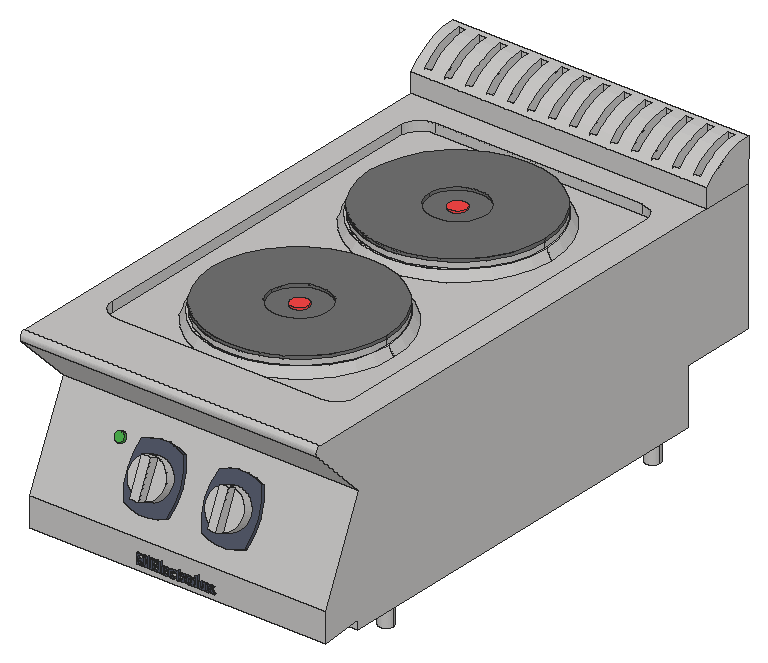
Revit family "QF_ELECTROLUXPROFESSIONAL_371126_E7ECED2R0N", category Specialty Equipment, Revit 2018
Family settings
  Round Connector Dimension = Use Diameter
  Part Type = Normal
  Work Plane-Based = No
  Always vertical = Yes
  Cut with Voids When Loaded = No
  Shared = No
  Room Calculation Point = No
Parameters
  Width = 400.05 mm  # constant formula
  Weight in Pounds = 44  # constant formula
  Watts = 5200 VA  # 5200 W
  Volts = 230 V  # constant formula
  URL Cutsheet = "www.electrolux.com/foodservice"
  URL = "www.electrolux.com/foodservice"
  Type Mark [instance] = ""
  Status [instance] = ""
  Specification by User [instance] = ""
  Specification by Manufacturer = ""
  Show Logo [instance] = yes
  Show Clearance [instance] = yes
  Serial Number = ""
  Seismic Rating = ""
  SMACNA No = ""
  Revision Code [instance] = ""
  Phase = 3  # constant formula
  Omniclass Number and Title = ""
  Number of Poles [instance] = 1
  NAFEM Spec ID Number = ""
  Model = "371126"
  Min Ckt Ampacity = 0 A
  Max Overcurrent Protection = 0 A
  Masterspec = ""
  Manufacturer = "ELECTROLUX"
  Item Number [instance] = ""
  Installed By [instance] = ""
  Identify Quantity as Lot [instance] = yes
  Height = 331.8 mm  # constant formula
  HP = "7 HP"
  Furnished By [instance] = ""
  Foodservice Equipment Identifier [instance] = yes
  FL Amps = if(Phase = 3, Watts / (Volts * 1.73), Watts / Volts)  # 13.0686 A
  Electrical Remarks [instance] = "230 V/3 ph/50/60 Hz"  # constant formula
  Electric Connection Type [instance] = ""
  Elec Conn RI Height [instance] = 0 mm
  Elec Conn Connection Height [instance] = 0 mm
  Direct Waste Size = 0"
  Description = "700XP 2 Hot Plate Electric Boiling Top 2.6 KW - 230V"
  Depth = 730.25 mm  # constant formula
  Cycle [instance] = if([60 Hertz Option], 60 Hz, 50 Hz)  # 60 Hz
  Conn Plug = ""
  Conn Conduit = yes
  CSI MasterFormat = ""
  CSI Master Format = ""
  Base Height [instance] = 23.813 mm  # constant formula
  Assembly Code = ""
  Apparent Power = if(Phase = 3, Volts * FL Amps * 1.73, Volts * FL Amps)  # 5200 VA
  60 Hertz Option [instance] = not([50 Hertz Option])  # yes
  50 Hertz Option [instance] = no
Reference planes
  plane 1 "BACK": y = 0
  plane 2: z = 0
  plane 3 "LEFT": x = 0
  plane 4 "RIGHT": x = 400.05
  plane 5 "FRONT": y = -730.25
  plane 6 "TOP": z = 288.925
  plane 7 "Center Y": x = 200.025
  plane 8 "Center X": y = -365.125
  plane 9 "BASE": z = 23.813
  plane 10 "TOP A": z = 274.638
  plane 11: y = -597.884
  plane 12: y = -147.637
  plane 13: z = 331.8
Forms (mm)
  Extrusion 1, solid, material "QF_Finishes_Stainless Steel"
    sketch origin (0, 0, 0) x (0, 1, 0) y (0, 0, 1)
      loop
        line (0, 274.638) -> (-722.762, 274.638)
        arc (-722.762, 274.638) -> (-729.591, 270.074) -> (-727.988, 262.019) r 7.392
        line (-727.988, 262.019) -> (-657.416, 191.447) -> (-713.772, 69.003) -> (-713.772, 30.903) -> (-660.4, 36.513) -> (-660.4, 23.812) -> (-101.6, 23.812) -> (-101.6, 98.425) -> (0, 98.425) -> (0, 274.638)
    from 0 to 400.05
  Extrusion 2, solid, material "QF_Finishes_Stainless Steel"
    sketch origin (0, 0, 0) x (1, 0, 0) y (0, 1, 0)
      loop
        circle (11.112, -147.638) r 9.525
      loop
        circle (11.112, -597.884) r 9.525
      loop
        circle (388.937, -147.638) r 9.525
      loop
        circle (388.937, -597.884) r 9.525
    from 0 to 23.813
  Extrusion 3, solid, material "QF_Finishes_Navy Blue", visible <- "Show Logo"
    sketch origin (-141.676, -713.772, 30.903) x (0, 0, 1) y (-1, 0, 0)
      loop
        line (20.674, -296.698) -> (8.307, -296.698)
        arc (8.307, -296.698) -> (14.491, -301.27) -> (20.674, -296.698) r 6.467
      loop
        arc (20.674, -296.069) -> (19.505, -290.926) -> (14.849, -288.448) r 6.338
        line (14.849, -288.448) -> (14.849, -290.494)
        arc (14.849, -290.494) -> (16.333, -294.149) -> (19.778, -296.069) r 5.941
        line (19.778, -296.069) -> (20.674, -296.069)
      loop
        arc (9.203, -296.069) -> (12.648, -294.149) -> (14.132, -290.494) r 5.941
        line (14.132, -290.494) -> (14.132, -288.448)
        arc (14.132, -288.448) -> (9.438, -290.922) -> (8.148, -296.069) r 6.504
        line (8.148, -296.069) -> (9.203, -296.069)
      loop
        line (21.349, -287.979) -> (7.604, -287.979) -> (7.604, -301.742) -> (21.349, -301.742) -> (21.349, -287.979)
      loop
        arc (21.432, -304.71) -> (21.085, -304.352) -> (20.718, -304.69) r 0.358
        arc (20.718, -304.69) -> (20.404, -305.44) -> (19.687, -305.825) r 1.216
        line (19.687, -305.825) -> (9.274, -305.825)
        arc (9.274, -305.825) -> (8.614, -305.548) -> (8.218, -304.951) r 1.238
        arc (8.218, -304.951) -> (7.823, -304.7) -> (7.518, -305.054) r 0.358
        line (7.518, -305.054) -> (7.518, -314.933) -> (10.269, -314.933) -> (10.269, -314.036)
        arc (10.269, -314.036) -> (9.36, -313.456) -> (8.904, -312.479) r 1.928
        line (8.904, -312.479) -> (8.904, -309.98)
        arc (8.904, -309.98) -> (9.18, -309.251) -> (9.868, -308.887) r 1.101
        line (9.868, -308.887) -> (13.955, -308.887) -> (13.955, -312.561)
        arc (13.955, -312.561) -> (13.602, -313.058) -> (13.037, -313.286) r 1.083
        arc (13.037, -313.286) -> (12.773, -313.591) -> (13.065, -313.869) r 0.292
        line (13.065, -313.869) -> (16.028, -313.869)
        arc (16.028, -313.869) -> (16.33, -313.596) -> (16.092, -313.266) r 0.305
        arc (16.092, -313.266) -> (15.601, -313.018) -> (15.296, -312.561) r 1.083
        line (15.296, -312.561) -> (15.296, -308.887) -> (19.973, -308.887) -> (19.973, -312.635)
        arc (19.973, -312.635) -> (19.759, -313.39) -> (19.153, -313.888) r 1.314
        arc (19.153, -313.888) -> (18.934, -314.292) -> (19.288, -314.585) r 0.361
        line (19.288, -314.585) -> (21.432, -314.585) -> (21.432, -304.71)
      loop
        arc (20.715, -315.365) -> (20.335, -316.284) -> (19.416, -316.664) r 1.299
        line (19.416, -316.664) -> (9.837, -316.664)
        arc (9.837, -316.664) -> (8.999, -316.286) -> (8.728, -315.408) r 1.118
        line (8.728, -315.408) -> (7.518, -315.408) -> (7.518, -320.758) -> (8.706, -320.758)
        arc (8.706, -320.758) -> (8.978, -319.841) -> (9.848, -319.445) r 1.153
        line (9.848, -319.445) -> (21.92, -319.445) -> (20.715, -315.365)
      loop
        line (12.483, -323.394) -> (12.483, -329.842) -> (13.282, -329.842)
        arc (13.282, -329.842) -> (15.862, -328.857) -> (17.131, -326.404) r 3.874
        line (17.131, -326.404) -> (17.131, -324.643)
        arc (17.131, -324.643) -> (15.944, -321.778) -> (13.08, -320.592) r 4.051
        line (13.08, -320.592) -> (11.072, -320.592)
        arc (11.072, -320.592) -> (8.253, -322.077) -> (7.202, -325.084) r 4.352
        arc (7.202, -325.084) -> (7.566, -327.547) -> (8.943, -329.621) r 5.713
        line (8.943, -329.621) -> (9.892, -329.621)
        arc (9.892, -329.621) -> (9.16, -328.052) -> (8.943, -326.334) r 5.579
        arc (8.943, -326.334) -> (9.737, -324.371) -> (11.616, -323.394) r 3.057
        line (11.616, -323.394) -> (12.483, -323.394)
      loop
        line (13.742, -323.394) -> (13.742, -326.977)
        arc (13.742, -326.977) -> (15.199, -327.024) -> (16.082, -325.864) r 1.59
        line (16.082, -325.864) -> (16.082, -325.034)
        arc (16.082, -325.034) -> (15.217, -323.779) -> (13.742, -323.394) r 2.184
      loop
        arc (16.533, -339.259) -> (17.022, -337.585) -> (17.179, -335.848) r 9.023
        line (17.179, -335.848) -> (17.179, -334.486)
        arc (17.179, -334.486) -> (16.02, -331.686) -> (13.22, -330.527) r 3.959
        line (13.22, -330.527) -> (10.62, -330.527)
        arc (10.62, -330.527) -> (8.338, -331.819) -> (7.221, -334.192) r 4.331
        line (7.221, -334.192) -> (7.221, -336.327)
        arc (7.221, -336.327) -> (7.729, -337.877) -> (8.651, -339.223) r 5.772
        arc (8.651, -339.223) -> (9.412, -339.274) -> (9.499, -338.515) r 0.553
        arc (9.499, -338.515) -> (9.111, -337.781) -> (8.977, -336.962) r 2.573
        line (8.977, -336.962) -> (8.977, -335.447)
        arc (8.977, -335.447) -> (9.983, -333.806) -> (11.798, -333.163) r 2.884
        line (11.798, -333.163) -> (13.077, -333.163)
        arc (13.077, -333.163) -> (14.898, -333.723) -> (15.824, -335.388) r 2.554
        line (15.824, -335.388) -> (15.824, -336.441)
        arc (15.824, -336.441) -> (15.493, -337.369) -> (14.836, -338.104) r 2.564
        arc (14.836, -338.104) -> (14.614, -338.821) -> (15.223, -339.259) r 0.643
        line (15.223, -339.259) -> (16.533, -339.259)
      loop
        line (15.515, -339.53) -> (15.515, -341.031) -> (9.467, -341.031)
        arc (9.467, -341.031) -> (7.879, -341.688) -> (7.221, -343.276) r 2.246
        line (7.221, -343.276) -> (7.221, -344.86)
        arc (7.221, -344.86) -> (7.535, -345.725) -> (8.035, -346.496) r 4.06
        arc (8.035, -346.496) -> (8.768, -346.629) -> (9.019, -345.928) r 0.576
        arc (9.019, -345.928) -> (8.913, -345.403) -> (8.977, -344.87) r 1.69
        arc (8.977, -344.87) -> (9.519, -344.082) -> (10.425, -343.779) r 1.506
        line (10.425, -343.779) -> (15.563, -343.779) -> (15.563, -346.176) -> (16.119, -346.733) -> (16.941, -346.733) -> (16.941, -343.873) -> (20.172, -343.873) -> (15.515, -339.53)
      loop
        line (7.438, -347.63) -> (7.438, -353.017) -> (8.548, -353.017)
        arc (8.548, -353.017) -> (8.942, -352.066) -> (9.893, -351.672) r 1.345
        line (9.893, -351.672) -> (13.509, -351.672)
        arc (13.509, -351.672) -> (14.274, -352.264) -> (14.564, -353.186) r 1.615
        line (14.564, -353.186) -> (14.564, -354.742) -> (17.119, -355.427) -> (17.119, -354.044) -> (15.177, -351.485) -> (17.057, -351.485) -> (16.773, -348.779)
        arc (16.773, -348.779) -> (16.333, -348.249) -> (15.674, -348.45) r 0.621
        arc (15.674, -348.45) -> (15.274, -348.792) -> (14.78, -348.975) r 1.501
        line (14.78, -348.975) -> (9.893, -348.975)
        arc (9.893, -348.975) -> (8.942, -348.581) -> (8.548, -347.63) r 1.345
        line (8.548, -347.63) -> (7.438, -347.63)
      loop
        line (13.54, -354.964) -> (10.848, -354.964)
        arc (10.848, -354.964) -> (8.403, -356.272) -> (7.269, -358.803) r 4.288
        arc (7.269, -358.803) -> (7.205, -360.183) -> (7.269, -361.563) r 15.022
        arc (7.269, -361.563) -> (8.403, -364.094) -> (10.848, -365.401) r 4.288
        line (10.848, -365.401) -> (13.54, -365.401)
        arc (13.54, -365.401) -> (15.986, -364.094) -> (17.119, -361.563) r 4.288
        arc (17.119, -361.563) -> (17.183, -360.183) -> (17.119, -358.803) r 15.022
        arc (17.119, -358.803) -> (15.986, -356.272) -> (13.54, -354.964) r 4.288
      loop
        line (13.745, -358.078) -> (10.643, -358.078)
        arc (10.643, -358.078) -> (8.486, -360.235) -> (10.643, -362.392) r 2.157
        line (10.643, -362.392) -> (13.745, -362.392)
        arc (13.745, -362.392) -> (15.902, -360.235) -> (13.745, -358.078) r 2.157
      loop
        arc (20.726, -365.26) -> (20.355, -366.154) -> (19.461, -366.524) r 1.264
        line (19.461, -366.524) -> (9.597, -366.524)
        arc (9.597, -366.524) -> (8.727, -366.127) -> (8.455, -365.211) r 1.153
        line (8.455, -365.211) -> (7.518, -365.211) -> (7.518, -370.319) -> (8.446, -370.319)
        arc (8.446, -370.319) -> (8.805, -369.547) -> (9.597, -369.232) r 1.153
        line (9.597, -369.232) -> (21.92, -369.232) -> (20.726, -365.26)
      loop
        arc (15.846, -369.857) -> (15.647, -370.921) -> (14.678, -371.403) r 1.215
        line (14.678, -371.403) -> (9.658, -371.403)
        arc (9.658, -371.403) -> (8.043, -372.051) -> (7.322, -373.634) r 2.338
        line (7.322, -373.634) -> (7.322, -375.148)
        arc (7.322, -375.148) -> (7.497, -376.152) -> (7.999, -377.038) r 2.979
        line (7.999, -377.038) -> (7.518, -378.835) -> (7.518, -380.524) -> (16.943, -380.524) -> (16.649, -376.32) -> (15.863, -376.32)
        arc (15.863, -376.32) -> (15.507, -377.156) -> (14.755, -377.665) r 1.605
        line (14.755, -377.665) -> (9.652, -377.665)
        arc (9.652, -377.665) -> (9.232, -376.728) -> (9.159, -375.704) r 2.94
        arc (9.159, -375.704) -> (9.72, -374.603) -> (10.873, -374.16) r 1.724
        line (10.873, -374.16) -> (17.07, -374.16) -> (15.846, -369.857)
      loop
        line (16.874, -381.377) -> (15.202, -383.423) -> (12.028, -385.729) -> (8.572, -382.617)
        arc (8.572, -382.617) -> (8.335, -382.223) -> (8.357, -381.764) r 0.789
        line (8.357, -381.764) -> (7.518, -381.764) -> (7.518, -385.309) -> (8.344, -385.309)
        arc (8.344, -385.309) -> (8.686, -384.947) -> (9.176, -385.039) r 0.52
        line (9.176, -385.039) -> (10.976, -386.51) -> (8.858, -387.886)
        arc (8.858, -387.886) -> (8.457, -387.576) -> (8.37, -387.076) r 0.7
        line (8.37, -387.076) -> (7.518, -387.076) -> (7.518, -393.003) -> (8.405, -393.003)
        arc (8.405, -393.003) -> (8.472, -392.344) -> (8.866, -391.813) r 1.247
        line (8.866, -391.813) -> (13.066, -388.532) -> (15.513, -390.585) -> (16.874, -392.327) -> (16.874, -388.604) -> (15.389, -389.026) -> (13.868, -387.749) -> (15.568, -386.559) -> (16.874, -387.336) -> (16.874, -381.377)
    from 0 to 1.644
  Extrusion 4, solid, material "QF_Finishes_Stainless Steel"
    sketch origin (0, -101.6, 101.6) x (0, 0, -1) y (-1, 0, 0)
      loop
        circle (41.275, -347.663) r 12.7
    from 0 to 3.175
  Extrusion 5, solid, material "QF_Finishes_Clearance", visible <- "Show Clearance", detail levels coarse
    sketch origin (0, 0, 0) x (1, 0, 0) y (0, 1, 0)
      loop
        line (0, -730.25) -> (0, 0) -> (400.05, 0) -> (400.05, -730.25) -> (550.069, -730.25) -> (550.069, 150.019) -> (-150.019, 150.019) -> (-150.019, -730.25) -> (0, -730.25)
    from 0 to 331.8
  Extrusion 6, solid, material "QF_Finishes_Stainless Steel"
    sketch origin (0, 0, 0) x (0, 1, 0) y (0, 0, 1)
      loop
        line (0, 274.638) -> (0, 331.8)
        arc (0, 331.8) -> (-38.462, 323.697) -> (-69.85, 300.038) r 90.405
        line (-69.85, 300.038) -> (-69.85, 274.638) -> (0, 274.638)
    from 0 to 400.05
  Extrusion 7, void
    sketch origin (0, 0, 274.638) x (-1, 0, 0) y (0, -1, 0)
      loop
        line (-13.453, 6.761) -> (-13.453, 63.911) -> (-22.749, 63.911) -> (-22.749, 6.761) -> (-13.453, 6.761)
    from 25.4 to 63.5
  Extrusion 8, void
    sketch origin (400.05, 0, 274.638) x (1, 0, 0) y (0, 1, 0)
      loop
        line (-13.453, -6.761) -> (-22.749, -6.761) -> (-22.749, -63.911) -> (-13.453, -63.911) -> (-13.453, -6.761)
    from 25.4 to 63.5
  Extrusion 9, void
    sketch origin (27.988, 0, 274.638) x (-1, 0, 0) y (0, -1, 0)
      loop
        line (-13.453, 6.761) -> (-13.453, 63.911) -> (-22.749, 63.911) -> (-22.749, 6.761) -> (-13.453, 6.761)
    from 25.4 to 63.5
  Extrusion 10, void
    sketch origin (55.977, 0, 274.638) x (-1, 0, 0) y (0, -1, 0)
      loop
        line (-13.453, 6.761) -> (-13.453, 63.911) -> (-22.749, 63.911) -> (-22.749, 6.761) -> (-13.453, 6.761)
    from 25.4 to 63.5
  Extrusion 11, void
    sketch origin (83.965, 0, 274.638) x (-1, 0, 0) y (0, -1, 0)
      loop
        line (-13.453, 6.761) -> (-13.453, 63.911) -> (-22.749, 63.911) -> (-22.749, 6.761) -> (-13.453, 6.761)
    from 25.4 to 63.5
  Extrusion 12, void
    sketch origin (111.953, 0, 274.638) x (-1, 0, 0) y (0, -1, 0)
      loop
        line (-13.453, 6.761) -> (-13.453, 63.911) -> (-22.749, 63.911) -> (-22.749, 6.761) -> (-13.453, 6.761)
    from 25.4 to 63.5
  Extrusion 13, void
    sketch origin (139.942, 0, 274.638) x (-1, 0, 0) y (0, -1, 0)
      loop
        line (-13.453, 6.761) -> (-13.453, 63.911) -> (-22.749, 63.911) -> (-22.749, 6.761) -> (-13.453, 6.761)
    from 25.4 to 63.5
  Extrusion 14, void
    sketch origin (167.93, 0, 274.638) x (-1, 0, 0) y (0, -1, 0)
      loop
        line (-13.453, 6.761) -> (-13.453, 63.911) -> (-22.749, 63.911) -> (-22.749, 6.761) -> (-13.453, 6.761)
    from 25.4 to 63.5
  Extrusion 15, void
    sketch origin (195.918, 0, 274.638) x (-1, 0, 0) y (0, -1, 0)
      loop
        line (-13.453, 6.761) -> (-13.453, 63.911) -> (-22.749, 63.911) -> (-22.749, 6.761) -> (-13.453, 6.761)
    from 25.4 to 63.5
  Extrusion 16, void
    sketch origin (223.907, 0, 274.638) x (-1, 0, 0) y (0, -1, 0)
      loop
        line (-13.453, 6.761) -> (-13.453, 63.911) -> (-22.749, 63.911) -> (-22.749, 6.761) -> (-13.453, 6.761)
    from 25.4 to 63.5
  Extrusion 17, void
    sketch origin (251.895, 0, 274.638) x (-1, 0, 0) y (0, -1, 0)
      loop
        line (-13.453, 6.761) -> (-13.453, 63.911) -> (-22.749, 63.911) -> (-22.749, 6.761) -> (-13.453, 6.761)
    from 25.4 to 63.5
  Extrusion 18, void
    sketch origin (279.884, 0, 274.638) x (-1, 0, 0) y (0, -1, 0)
      loop
        line (-13.453, 6.761) -> (-13.453, 63.911) -> (-22.749, 63.911) -> (-22.749, 6.761) -> (-13.453, 6.761)
    from 25.4 to 63.5
  Extrusion 19, void
    sketch origin (307.872, 0, 274.638) x (-1, 0, 0) y (0, -1, 0)
      loop
        line (-13.453, 6.761) -> (-13.453, 63.911) -> (-22.749, 63.911) -> (-22.749, 6.761) -> (-13.453, 6.761)
    from 25.4 to 63.5
  Extrusion 20, void
    sketch origin (335.86, 0, 274.638) x (-1, 0, 0) y (0, -1, 0)
      loop
        line (-13.453, 6.761) -> (-13.453, 63.911) -> (-22.749, 63.911) -> (-22.749, 6.761) -> (-13.453, 6.761)
    from 25.4 to 63.5
  Extrusion 21, solid, material "QF_Finishes_Navy Blue"
    sketch origin (-13.506, -713.772, 69.003) x (0, 0.418102, 0.9084) y (-1, 0, 0)
      loop
        arc (102.623, -132.62) -> (67.041, -124.996) -> (31.333, -132.003) r 90.5
        arc (31.333, -132.003) -> (24.507, -161.19) -> (31.333, -190.378) r 65.817
        arc (31.333, -190.378) -> (67.04, -197.338) -> (102.623, -189.765) r 91.066
        arc (102.623, -189.765) -> (109.179, -161.193) -> (102.623, -132.62) r 65.546
    from 0 to 3.175
  Extrusion 22, solid, material "QF_Finishes_Stainless Steel"
    sketch origin (-13.506, -717.485, 68.529) x (0, 0.418102, 0.9084) y (-1, 0, 0)
      loop
        circle (68.826, -160.963) r 25.4
    from 0 to 12.7
  Extrusion 23, solid, material "QF_Finishes_Stainless Steel"
    sketch origin (-13.506, -729.022, 73.839) x (0, 0.418102, 0.9084) y (-1, 0, 0)
      loop
        arc (93.558, -166.749) -> (94.226, -160.963) -> (93.558, -155.177) r 25.4
        line (93.558, -155.177) -> (44.094, -155.177)
        arc (44.094, -155.177) -> (43.426, -160.963) -> (44.094, -166.749) r 25.4
        line (44.094, -166.749) -> (93.558, -166.749)
    from 0 to 12.7
  Extrusion 24, solid, material "QF_Finishes_Green"
    sketch origin (0.781, -713.772, 69.003) x (0, 0.418102, 0.9084) y (-1, 0, 0)
      loop
        circle (95.112, -90.848) r 6.35
    from 0 to 3.175
  Extrusion 25, void
    sketch origin (0, 0, 274.638) x (1, 0, 0) y (0, -1, 0)
      loop
        line (60.425, 104.885) -> (339.625, 104.885)
        arc (339.625, 104.885) -> (357.586, 112.324) -> (365.025, 130.285) r 25.4
        line (365.025, 130.285) -> (365.025, 619.485)
        arc (365.025, 619.485) -> (357.586, 637.445) -> (339.625, 644.885) r 25.4
        line (339.625, 644.885) -> (60.425, 644.885)
        arc (60.425, 644.885) -> (42.464, 637.445) -> (35.025, 619.485) r 25.4
        line (35.025, 619.485) -> (35.025, 130.285)
        arc (35.025, 130.285) -> (42.464, 112.324) -> (60.425, 104.885) r 25.4
    from 0 to 12.7
  Extrusion 26, solid, material "QF_Finishes_Navy Blue"
    sketch origin (91.63, -713.772, 69.003) x (0, 0.418102, 0.9084) y (-1, 0, 0)
      loop
        arc (102.623, -132.62) -> (67.041, -124.996) -> (31.333, -132.003) r 90.5
        arc (31.333, -132.003) -> (24.507, -161.19) -> (31.333, -190.378) r 65.817
        arc (31.333, -190.378) -> (67.04, -197.338) -> (102.623, -189.765) r 91.066
        arc (102.623, -189.765) -> (109.179, -161.193) -> (102.623, -132.62) r 65.546
    from 0 to 3.175
  Extrusion 27, solid, material "QF_Finishes_Stainless Steel"
    sketch origin (91.63, -717.485, 68.529) x (0, 0.418102, 0.9084) y (-1, 0, 0)
      loop
        circle (68.826, -160.963) r 25.4
    from 0 to 12.7
  Extrusion 28, solid, material "QF_Finishes_Stainless Steel"
    sketch origin (91.63, -729.022, 73.839) x (0, 0.418102, 0.9084) y (-1, 0, 0)
      loop
        arc (93.558, -166.749) -> (94.226, -160.963) -> (93.558, -155.177) r 25.4
        line (93.558, -155.177) -> (44.094, -155.177)
        arc (44.094, -155.177) -> (43.426, -160.963) -> (44.094, -166.749) r 25.4
        line (44.094, -166.749) -> (93.558, -166.749)
    from 0 to 12.7
Cuts and joins
  Extrusion 7, Extrusion 8, Extrusion 9, Extrusion 10, Extrusion 11, Extrusion 12, Extrusion 13, Extrusion 14, Extrusion 15, Extrusion 16, Extrusion 17, Extrusion 18, Extrusion 19, Extrusion 20 cuts Extrusion 6
  Extrusion 25 cuts Extrusion 1
Lines and regions (mm)
  symbolic lines, style "QF-Clearances", visible <- "Show Clearance", detail levels coarse
    curve 1: line (550.069, 150.019, 274.638) -> (-150.019, 150.019, 274.638)
    curve 2: line (550.069, -731.627, 274.638) -> (550.069, 150.019, 274.638)
    curve 3: line (-150.019, 150.019, 274.638) -> (-150.019, -730.25, 274.638)
    curve 4: line (550.069, 150.019, 274.638) -> (-150.019, 150.019, 274.638)
    curve 5: line (550.069, -730.25, 274.638) -> (550.069, 150.019, 274.638)
  symbolic lines
    curve 6: line (0, 0, 274.638) -> (400.05, 0, 274.638)
    curve 7: line (0, -730.25, 274.638) -> (0, 0, 274.638)
    curve 8: line (400.05, 0, 274.638) -> (400.05, -730.25, 274.638)
    curve 9: line (0, -69.85, 274.638) -> (400.05, -69.85, 274.638)
    curve 10: line (13.453, -6.761, 274.638) -> (22.749, -6.761, 274.638)
    curve 11: line (13.453, -63.911, 274.638) -> (13.453, -6.761, 274.638)
    curve 12: line (22.749, -63.911, 274.638) -> (13.453, -63.911, 274.638)
    curve 13: line (22.749, -6.761, 274.638) -> (22.749, -63.911, 274.638)
    curve 14: line (41.441, -6.761, 274.638) -> (50.737, -6.761, 274.638)
    curve 15: line (41.441, -63.911, 274.638) -> (41.441, -6.761, 274.638)
    curve 16: line (50.737, -63.911, 274.638) -> (41.441, -63.911, 274.638)
    curve 17: line (50.737, -6.761, 274.638) -> (50.737, -63.911, 274.638)
    curve 18: line (69.43, -6.761, 274.638) -> (78.725, -6.761, 274.638)
    curve 19: line (69.43, -63.911, 274.638) -> (69.43, -6.761, 274.638)
    curve 20: line (78.725, -63.911, 274.638) -> (69.43, -63.911, 274.638)
    curve 21: line (78.725, -6.761, 274.638) -> (78.725, -63.911, 274.638)
    curve 22: line (97.418, -6.761, 274.638) -> (106.714, -6.761, 274.638)
    curve 23: line (97.418, -63.911, 274.638) -> (97.418, -6.761, 274.638)
    curve 24: line (106.714, -63.911, 274.638) -> (97.418, -63.911, 274.638)
    curve 25: line (106.714, -6.761, 274.638) -> (106.714, -63.911, 274.638)
    curve 26: line (125.406, -6.761, 274.638) -> (134.702, -6.761, 274.638)
    curve 27: line (125.406, -63.911, 274.638) -> (125.406, -6.761, 274.638)
    curve 28: line (134.702, -63.911, 274.638) -> (125.406, -63.911, 274.638)
    curve 29: line (134.702, -6.761, 274.638) -> (134.702, -63.911, 274.638)
    curve 30: line (153.395, -6.761, 274.638) -> (162.69, -6.761, 274.638)
    curve 31: line (153.395, -63.911, 274.638) -> (153.395, -6.761, 274.638)
    curve 32: line (162.69, -63.911, 274.638) -> (153.395, -63.911, 274.638)
    curve 33: line (162.69, -6.761, 274.638) -> (162.69, -63.911, 274.638)
    curve 34: line (181.383, -6.761, 274.638) -> (190.679, -6.761, 274.638)
    curve 35: line (181.383, -63.911, 274.638) -> (181.383, -6.761, 274.638)
    curve 36: line (190.679, -63.911, 274.638) -> (181.383, -63.911, 274.638)
    curve 37: line (190.679, -6.761, 274.638) -> (190.679, -63.911, 274.638)
    curve 38: line (209.371, -6.761, 274.638) -> (218.667, -6.761, 274.638)
    curve 39: line (209.371, -63.911, 274.638) -> (209.371, -6.761, 274.638)
    curve 40: line (218.667, -63.911, 274.638) -> (209.371, -63.911, 274.638)
    curve 41: line (218.667, -6.761, 274.638) -> (218.667, -63.911, 274.638)
    curve 42: line (237.36, -6.761, 274.638) -> (246.655, -6.761, 274.638)
    curve 43: line (237.36, -63.911, 274.638) -> (237.36, -6.761, 274.638)
    curve 44: line (246.655, -63.911, 274.638) -> (237.36, -63.911, 274.638)
    curve 45: line (246.655, -6.761, 274.638) -> (246.655, -63.911, 274.638)
    curve 46: line (265.348, -6.761, 274.638) -> (274.644, -6.761, 274.638)
    curve 47: line (265.348, -63.911, 274.638) -> (265.348, -6.761, 274.638)
    curve 48: line (274.644, -63.911, 274.638) -> (265.348, -63.911, 274.638)
    curve 49: line (274.644, -6.761, 274.638) -> (274.644, -63.911, 274.638)
    curve 50: line (293.336, -6.761, 274.638) -> (302.632, -6.761, 274.638)
    curve 51: line (293.336, -63.911, 274.638) -> (293.336, -6.761, 274.638)
    curve 52: line (302.632, -63.911, 274.638) -> (293.336, -63.911, 274.638)
    curve 53: line (302.632, -6.761, 274.638) -> (302.632, -63.911, 274.638)
    curve 54: line (321.325, -6.761, 274.638) -> (330.62, -6.761, 274.638)
    curve 55: line (321.325, -63.911, 274.638) -> (321.325, -6.761, 274.638)
    curve 56: line (330.62, -63.911, 274.638) -> (321.325, -63.911, 274.638)
    curve 57: line (330.62, -6.761, 274.638) -> (330.62, -63.911, 274.638)
    curve 58: line (349.313, -6.761, 274.638) -> (358.609, -6.761, 274.638)
    curve 59: line (349.313, -63.911, 274.638) -> (349.313, -6.761, 274.638)
    curve 60: line (358.609, -63.911, 274.638) -> (349.313, -63.911, 274.638)
    curve 61: line (358.609, -6.761, 274.638) -> (358.609, -63.911, 274.638)
    curve 62: line (377.301, -6.761, 274.638) -> (386.597, -6.761, 274.638)
    curve 63: line (377.301, -63.911, 274.638) -> (377.301, -6.761, 274.638)
    curve 64: line (386.597, -63.911, 274.638) -> (377.301, -63.911, 274.638)
    curve 65: line (386.597, -6.761, 274.638) -> (386.597, -63.911, 274.638)
    curve 66: line (400.05, -730.25, 274.638) -> (0, -730.25, 274.638)
    curve 67: line (35.025, -619.485, 0) -> (35.025, -130.285, 0)
    curve 68: arc (35.025, -130.285, 0) -> (42.464, -112.324, 0) -> (60.425, -104.885, 0) r 25.4
    curve 69: line (60.425, -104.885, 0) -> (339.625, -104.885, 0)
    curve 70: arc (339.625, -104.885, 0) -> (357.586, -112.324, 0) -> (365.025, -130.285, 0) r 25.4
    curve 71: line (365.025, -130.285, 0) -> (365.025, -619.485, 0)
    curve 72: arc (365.025, -619.485, 0) -> (357.586, -637.445, 0) -> (339.625, -644.885, 0) r 25.4
    curve 73: line (339.625, -644.885, 0) -> (60.425, -644.885, 0)
    curve 74: arc (60.425, -644.885, 0) -> (42.464, -637.445, 0) -> (35.025, -619.485, 0) r 25.4
Dimensions and locks
  equal spacing: plane 3 "LEFT", plane 7 "Center Y", plane 4 "RIGHT"
  "Width": plane 3 "LEFT" to plane 4 "RIGHT"
  equal spacing: plane 5 "FRONT", plane 8 "Center X", plane 1 "BACK"
  "Depth": plane 5 "FRONT" to plane 1 "BACK"
  plane 1 "BACK" to plane 5 "FRONT" = 730.25 mm
  "Base Height": plane 9 "BASE" to level
  locked: plane 10 "TOP A" to plane 9 "BASE" at 250.825
  plane 10 "TOP A" to plane 9 "BASE" = 250.825 mm
  plane 9 "BASE" to level = 23.813 mm
  plane 4 "RIGHT" to Extrusion 4 sketch curve = 52.388 mm
  plane 13 to level = 331.8 mm
  Extrusion 4 sketch curve to plane 9 "BASE" = 36.513 mm
  aligned and locked: level to plane 2
Automatic sketch dimensions
  plane 4 "RIGHT" to curve 2 = 150.019 mm
  curve 1 to plane 3 "LEFT" = 150.019 mm
  curve 1 to plane 1 "BACK" = 150.019 mm
  plane 5 "FRONT" to curve 2 = 1.377 mm
  Extrusion 1 sketch curve to plane 10 "TOP A" = 0 mm
  Extrusion 1 sketch curve to plane 9 "BASE" = 0 mm
  Extrusion 1 sketch curve to plane 1 "BACK" = 0 mm
  Extrusion 1 sketch curve to plane 12 = 46.038 mm
  plane 11 to Extrusion 1 sketch curve = 59.531 mm
  plane 9 "BASE" to Extrusion 1 sketch curve = 12.7 mm
  plane 11 to Extrusion 1 sketch curve = 62.516 mm
  Extrusion 1 sketch curve to plane 5 "FRONT" = 16.478 mm
  Extrusion 1 sketch curve to plane 5 "FRONT" = 7.488 mm
  Extrusion 1 sketch curve to plane 5 "FRONT" = 2.262 mm
  plane 9 "BASE" to Extrusion 1 sketch curve = 7.09 mm
  Extrusion 1 sketch curve to Extrusion 1 sketch curve = 38.1 mm
  plane 9 "BASE" to Extrusion 1 sketch curve = 74.612 mm
  Extrusion 1 sketch curve to plane 10 "TOP A" = 83.191 mm
  Extrusion 1 sketch curve to plane 10 "TOP A" = 12.619 mm
  plane 11 to Extrusion 2 sketch curve = 0 mm  (x2)
  plane 12 to Extrusion 2 sketch curve = 0 mm  (x2)
  plane 3 "LEFT" to Extrusion 2 sketch curve = 11.112 mm  (x2)
  Extrusion 2 sketch curve to plane 4 "RIGHT" = 11.113 mm  (x2)
  Extrusion 3 sketch curve to Extrusion 1 = 2.161 mm
  Extrusion 3 sketch curve to Extrusion 1 = 7.202 mm
  Extrusion 3 sketch curve to Extrusion 1 = 7.221 mm  (x2)
  Extrusion 3 sketch curve to Extrusion 3 sketch curve = 5.108 mm  (x2)
  Extrusion 3 sketch curve to Extrusion 3 sketch curve = 0 mm  (x27)
  Extrusion 3 sketch curve to Extrusion 1 = 7.322 mm
  Extrusion 3 sketch curve to Extrusion 3 sketch curve = 0.218 mm
  Extrusion 3 sketch curve to Extrusion 3 sketch curve = 0.195 mm
  Extrusion 3 sketch curve to Extrusion 3 sketch curve = 0.249 mm
  Extrusion 3 sketch curve to Extrusion 1 = 7.518 mm
  Extrusion 3 sketch curve to Extrusion 3 sketch curve = 0.087 mm
  Extrusion 3 sketch curve to Extrusion 3 sketch curve = 0.358 mm
  Extrusion 3 sketch curve to Extrusion 3 sketch curve = 0.481 mm
  Extrusion 3 sketch curve to Extrusion 3 sketch curve = 0.597 mm
  Extrusion 3 sketch curve to Extrusion 3 sketch curve = 0.544 mm
  Extrusion 3 sketch curve to Extrusion 3 sketch curve = 0.936 mm
  Extrusion 3 sketch curve to Extrusion 3 sketch curve = 0.594 mm
  Extrusion 3 sketch curve to Extrusion 3 sketch curve = 0.343 mm
  Extrusion 3 sketch curve to Extrusion 3 sketch curve = 0.159 mm
  Extrusion 3 sketch curve to Extrusion 3 sketch curve = 0.826 mm
  Extrusion 3 sketch curve to Extrusion 3 sketch curve = 0.839 mm
  Extrusion 3 sketch curve to Extrusion 3 sketch curve = 0.852 mm
  Extrusion 3 sketch curve to Extrusion 3 sketch curve = 0.887 mm
  Extrusion 3 sketch curve to Extrusion 3 sketch curve = 0.928 mm
  Extrusion 3 sketch curve to Extrusion 3 sketch curve = 0.938 mm
  Extrusion 3 sketch curve to Extrusion 3 sketch curve = 0.444 mm
  Extrusion 3 sketch curve to Extrusion 3 sketch curve = 1.11 mm  (x3)
  Extrusion 3 sketch curve to Extrusion 3 sketch curve = 0.215 mm
  Extrusion 3 sketch curve to Extrusion 3 sketch curve = 1.43 mm
  Extrusion 3 sketch curve to Extrusion 3 sketch curve = 1.188 mm
  Extrusion 3 sketch curve to Extrusion 3 sketch curve = 1.21 mm  (x2)
  Extrusion 3 sketch curve to Extrusion 3 sketch curve = 0.503 mm
  Extrusion 3 sketch curve to Extrusion 3 sketch curve = 0.488 mm
  Extrusion 3 sketch curve to Extrusion 3 sketch curve = 0.462 mm
  Extrusion 3 sketch curve to Extrusion 3 sketch curve = 1.386 mm
  Extrusion 3 sketch curve to Extrusion 3 sketch curve = 1.742 mm  (x2)
  Extrusion 3 sketch curve to Extrusion 3 sketch curve = 0.821 mm
  Extrusion 3 sketch curve to Extrusion 3 sketch curve = 0.497 mm
  Extrusion 3 sketch curve to Extrusion 3 sketch curve = 0.539 mm
  Extrusion 3 sketch curve to Extrusion 3 sketch curve = 0.686 mm
  Extrusion 3 sketch curve to Extrusion 3 sketch curve = 0.408 mm
  Extrusion 3 sketch curve to Extrusion 3 sketch curve = 0.743 mm
  Extrusion 3 sketch curve to Extrusion 3 sketch curve = 1.16 mm
  Extrusion 3 sketch curve to Extrusion 3 sketch curve = 0.329 mm
  Extrusion 3 sketch curve to Extrusion 3 sketch curve = 1.054 mm
  Extrusion 3 sketch curve to Extrusion 3 sketch curve = 1.056 mm
  Extrusion 3 sketch curve to Extrusion 3 sketch curve = 0.129 mm
  Extrusion 3 sketch curve to Extrusion 3 sketch curve = 0.489 mm
  Extrusion 3 sketch curve to Extrusion 3 sketch curve = 0.441 mm
  Extrusion 3 sketch curve to Extrusion 3 sketch curve = 1.151 mm
  Extrusion 3 sketch curve to Extrusion 3 sketch curve = 1.141 mm  (x2)
  Extrusion 3 sketch curve to Extrusion 3 sketch curve = 0.768 mm
  Extrusion 3 sketch curve to Extrusion 3 sketch curve = 1.653 mm
  Extrusion 3 sketch curve to Extrusion 3 sketch curve = 0.499 mm
  Extrusion 3 sketch curve to Extrusion 3 sketch curve = 0.964 mm
  Extrusion 3 sketch curve to Extrusion 3 sketch curve = 0.949 mm
  Extrusion 3 sketch curve to Extrusion 3 sketch curve = 1.345 mm  (x3)
  Extrusion 3 sketch curve to Extrusion 3 sketch curve = 1.101 mm
  Extrusion 3 sketch curve to Extrusion 3 sketch curve = 0.432 mm
  Extrusion 3 sketch curve to Extrusion 3 sketch curve = 1.142 mm
  Extrusion 3 sketch curve to Extrusion 3 sketch curve = 0.959 mm
  Extrusion 3 sketch curve to Extrusion 3 sketch curve = 0.176 mm
  Extrusion 3 sketch curve to Extrusion 3 sketch curve = 0.728 mm
  Extrusion 3 sketch curve to Extrusion 3 sketch curve = 3.375 mm  (x2)
  Extrusion 3 sketch curve to Extrusion 3 sketch curve = 0.541 mm
  Extrusion 3 sketch curve to Extrusion 3 sketch curve = 0.955 mm
  Extrusion 3 sketch curve to Extrusion 3 sketch curve = 1.251 mm
  Extrusion 3 sketch curve to Extrusion 3 sketch curve = 0.572 mm
  Extrusion 3 sketch curve to Extrusion 3 sketch curve = 1.92 mm
  Extrusion 3 sketch curve to Extrusion 3 sketch curve = 1.224 mm
  Extrusion 3 sketch curve to Extrusion 3 sketch curve = 0.745 mm
  Extrusion 3 sketch curve to Extrusion 3 sketch curve = 2.537 mm
  Extrusion 3 sketch curve to Extrusion 3 sketch curve = 0.896 mm  (x3)
  Extrusion 3 sketch curve to Extrusion 3 sketch curve = 0.036 mm
  Extrusion 3 sketch curve to Extrusion 3 sketch curve = 2.607 mm
  Extrusion 3 sketch curve to Extrusion 3 sketch curve = 0.066 mm
  Extrusion 3 sketch curve to Extrusion 3 sketch curve = 0.248 mm
  Extrusion 3 sketch curve to Extrusion 3 sketch curve = 0.449 mm
  Extrusion 3 sketch curve to Extrusion 3 sketch curve = 1.052 mm
  Extrusion 3 sketch curve to Extrusion 3 sketch curve = 1.863 mm
  Extrusion 3 sketch curve to Extrusion 3 sketch curve = 1.31 mm  (x2)
  Extrusion 3 sketch curve to Extrusion 3 sketch curve = 0.901 mm
  Extrusion 3 sketch curve to Extrusion 3 sketch curve = 1.107 mm
  Extrusion 3 sketch curve to Extrusion 3 sketch curve = 2.122 mm
  Extrusion 3 sketch curve to Extrusion 3 sketch curve = 2.101 mm
  Extrusion 3 sketch curve to Extrusion 3 sketch curve = 0.106 mm
  Extrusion 3 sketch curve to Extrusion 3 sketch curve = 0.029 mm
  Extrusion 3 sketch curve to Extrusion 3 sketch curve = 2.09 mm
  Extrusion 3 sketch curve to Extrusion 3 sketch curve = 1.279 mm
  Extrusion 3 sketch curve to Extrusion 3 sketch curve = 2.008 mm
  Extrusion 3 sketch curve to Extrusion 3 sketch curve = 0.738 mm
  Extrusion 3 sketch curve to Extrusion 3 sketch curve = 0.382 mm
  Extrusion 3 sketch curve to Extrusion 3 sketch curve = 0.384 mm
  Extrusion 3 sketch curve to Extrusion 3 sketch curve = 0.002 mm
  Extrusion 3 sketch curve to Extrusion 3 sketch curve = 0.561 mm
  Extrusion 3 sketch curve to Extrusion 3 sketch curve = 0.592 mm
  Extrusion 3 sketch curve to Extrusion 3 sketch curve = 2.692 mm
  Extrusion 3 sketch curve to Extrusion 3 sketch curve = 1.259 mm
  Extrusion 3 sketch curve to Extrusion 3 sketch curve = 0.802 mm
  Extrusion 3 sketch curve to Extrusion 3 sketch curve = 1.024 mm
  Extrusion 3 sketch curve to Extrusion 3 sketch curve = 0.682 mm
  Extrusion 3 sketch curve to Extrusion 3 sketch curve = 5.934 mm
  Extrusion 3 sketch curve to Extrusion 3 sketch curve = 2.186 mm
  Extrusion 3 sketch curve to Extrusion 3 sketch curve = 0.337 mm
  Extrusion 3 sketch curve to Extrusion 3 sketch curve = 0.021 mm
  Extrusion 3 sketch curve to Extrusion 3 sketch curve = 1.005 mm
  Extrusion 3 sketch curve to Extrusion 3 sketch curve = 0.552 mm
  Extrusion 3 sketch curve to Extrusion 3 sketch curve = 0.778 mm
  Extrusion 3 sketch curve to Extrusion 3 sketch curve = 0.063 mm
  Extrusion 3 sketch curve to Extrusion 3 sketch curve = 1.023 mm
  Extrusion 3 sketch curve to Extrusion 3 sketch curve = 3.804 mm
  Extrusion 3 sketch curve to Extrusion 3 sketch curve = 0.486 mm
  Extrusion 3 sketch curve to Extrusion 3 sketch curve = 0.266 mm
  Extrusion 3 sketch curve to Extrusion 3 sketch curve = 1.547 mm
  Extrusion 3 sketch curve to Extrusion 3 sketch curve = 0.717 mm  (x2)
  Extrusion 3 sketch curve to Extrusion 3 sketch curve = 1.667 mm
  Extrusion 3 sketch curve to Extrusion 3 sketch curve = 3.174 mm
  Extrusion 3 sketch curve to Extrusion 3 sketch curve = 0.388 mm
  Extrusion 3 sketch curve to Extrusion 3 sketch curve = 1.342 mm
  Extrusion 3 sketch curve to Extrusion 3 sketch curve = 1.521 mm
  Extrusion 3 sketch curve to Extrusion 3 sketch curve = 0.124 mm
  Extrusion 3 sketch curve to Extrusion 3 sketch curve = 0.291 mm
  Extrusion 3 sketch curve to Extrusion 3 sketch curve = 1.049 mm  (x2)
  Extrusion 3 sketch curve to Extrusion 3 sketch curve = 1.7 mm
  Extrusion 3 sketch curve to Extrusion 3 sketch curve = 0.894 mm
  Extrusion 3 sketch curve to Extrusion 3 sketch curve = 0.989 mm
  Extrusion 3 sketch curve to Extrusion 3 sketch curve = 1.168 mm
  Extrusion 3 sketch curve to Extrusion 3 sketch curve = 1.594 mm
  Extrusion 3 sketch curve to Extrusion 3 sketch curve = 0.731 mm
  Extrusion 3 sketch curve to Extrusion 3 sketch curve = 1.566 mm
  Extrusion 3 sketch curve to Extrusion 3 sketch curve = 0.064 mm
  Extrusion 3 sketch curve to Extrusion 3 sketch curve = 0.556 mm  (x2)
  Extrusion 3 sketch curve to Extrusion 3 sketch curve = 0.48 mm
  Extrusion 3 sketch curve to Extrusion 3 sketch curve = 0.228 mm
  Extrusion 3 sketch curve to Extrusion 3 sketch curve = 1.018 mm
  Extrusion 3 sketch curve to Extrusion 3 sketch curve = 0.787 mm
  Extrusion 3 sketch curve to Extrusion 3 sketch curve = 0.618 mm
  Extrusion 3 sketch curve to Extrusion 3 sketch curve = 1.672 mm
  Extrusion 3 sketch curve to Extrusion 3 sketch curve = 1.361 mm
  Extrusion 3 sketch curve to Extrusion 3 sketch curve = 0.822 mm
  Extrusion 3 sketch curve to Extrusion 3 sketch curve = 0.069 mm
  Extrusion 3 sketch curve to Extrusion 3 sketch curve = 1.88 mm
  Extrusion 3 sketch curve to Extrusion 3 sketch curve = 0.42 mm
  Extrusion 3 sketch curve to Extrusion 3 sketch curve = 0.062 mm
  Extrusion 3 sketch curve to Extrusion 3 sketch curve = 1.355 mm
  Extrusion 3 sketch curve to Extrusion 3 sketch curve = 2.34 mm
  Extrusion 3 sketch curve to Extrusion 3 sketch curve = 0.493 mm
  Extrusion 3 sketch curve to Extrusion 3 sketch curve = 0.136 mm
  Extrusion 3 sketch curve to Extrusion 3 sketch curve = 0.128 mm
  Extrusion 3 sketch curve to Extrusion 3 sketch curve = 3.616 mm
  Extrusion 3 sketch curve to Extrusion 3 sketch curve = 4.207 mm
  Extrusion 3 sketch curve to Extrusion 3 sketch curve = 0.183 mm
  Extrusion 3 sketch curve to Extrusion 3 sketch curve = 0.895 mm
  Extrusion 3 sketch curve to Extrusion 3 sketch curve = 1.314 mm
  Extrusion 3 sketch curve to Extrusion 3 sketch curve = 3.231 mm
  Extrusion 3 sketch curve to Extrusion 3 sketch curve = 1.299 mm
  Extrusion 3 sketch curve to Extrusion 3 sketch curve = 1.214 mm
  Extrusion 3 sketch curve to Extrusion 3 sketch curve = 1.264 mm
  Extrusion 3 sketch curve to Extrusion 3 sketch curve = 0.109 mm
  Extrusion 3 sketch curve to Extrusion 3 sketch curve = 0.357 mm
  Extrusion 3 sketch curve to Extrusion 3 sketch curve = 0.565 mm
  Extrusion 3 sketch curve to Extrusion 3 sketch curve = 2.504 mm
  Extrusion 3 sketch curve to Extrusion 3 sketch curve = 2.459 mm
  Extrusion 1 to Extrusion 3 sketch curve = 148.723 mm
  Extrusion 3 sketch curve to Extrusion 3 sketch curve = 0.208 mm
  Extrusion 3 sketch curve to Extrusion 3 sketch curve = 0.468 mm  (x2)
  Extrusion 3 sketch curve to Extrusion 3 sketch curve = 1.559 mm
  Extrusion 3 sketch curve to Extrusion 3 sketch curve = 0.422 mm  (x2)
  Extrusion 3 sketch curve to Extrusion 3 sketch curve = 0.494 mm
  Extrusion 3 sketch curve to Extrusion 3 sketch curve = 3.927 mm
  Extrusion 3 sketch curve to Extrusion 3 sketch curve = 0.782 mm
  Extrusion 3 sketch curve to Extrusion 3 sketch curve = 1.268 mm
  Extrusion 3 sketch curve to Extrusion 3 sketch curve = 0.671 mm
  Extrusion 3 sketch curve to Extrusion 3 sketch curve = 0.777 mm
  Extrusion 3 sketch curve to Extrusion 3 sketch curve = 0.704 mm
  Extrusion 3 sketch curve to Extrusion 3 sketch curve = 0.781 mm  (x2)
  Extrusion 3 sketch curve to Extrusion 3 sketch curve = 1.634 mm
  Extrusion 3 sketch curve to Extrusion 3 sketch curve = 0.132 mm
  Extrusion 3 sketch curve to Extrusion 3 sketch curve = 3.136 mm
  Extrusion 3 sketch curve to Extrusion 3 sketch curve = 2.422 mm
  Extrusion 3 sketch curve to Extrusion 3 sketch curve = 0.586 mm
  Extrusion 3 sketch curve to Extrusion 3 sketch curve = 2.046 mm  (x2)
  Extrusion 3 sketch curve to Extrusion 3 sketch curve = 1.241 mm
  Extrusion 3 sketch curve to Extrusion 3 sketch curve = 1.689 mm
  Extrusion 3 sketch curve to Extrusion 3 sketch curve = 2.859 mm
  Extrusion 3 sketch curve to Extrusion 3 sketch curve = 0.627 mm
  Extrusion 3 sketch curve to Extrusion 3 sketch curve = 0.863 mm
  Extrusion 3 sketch curve to Extrusion 3 sketch curve = 0.419 mm
  Extrusion 3 sketch curve to Extrusion 3 sketch curve = 1.514 mm
  Extrusion 3 sketch curve to Extrusion 3 sketch curve = 1.019 mm
  Extrusion 3 sketch curve to Extrusion 3 sketch curve = 0.065 mm
  Extrusion 3 sketch curve to Extrusion 3 sketch curve = 1.215 mm
  Extrusion 3 sketch curve to Extrusion 3 sketch curve = 2.708 mm
  Extrusion 3 sketch curve to Extrusion 3 sketch curve = 1.122 mm
  Extrusion 3 sketch curve to Extrusion 3 sketch curve = 1.153 mm
  Extrusion 3 sketch curve to Extrusion 3 sketch curve = 3.009 mm
  Extrusion 3 sketch curve to Extrusion 3 sketch curve = 0.829 mm  (x2)
  Extrusion 3 sketch curve to Extrusion 3 sketch curve = 0.934 mm
  Extrusion 3 sketch curve to Extrusion 3 sketch curve = 3.376 mm
  Extrusion 3 sketch curve to Extrusion 3 sketch curve = 0.222 mm
  Extrusion 3 sketch curve to Extrusion 3 sketch curve = 1.383 mm
  Extrusion 3 sketch curve to Extrusion 3 sketch curve = 1.556 mm
  Extrusion 3 sketch curve to Extrusion 3 sketch curve = 2.559 mm
  Extrusion 3 sketch curve to Extrusion 3 sketch curve = 2.51 mm
  Extrusion 3 sketch curve to Extrusion 3 sketch curve = 0.131 mm
  Extrusion 3 sketch curve to Extrusion 3 sketch curve = 1.717 mm
  Extrusion 3 sketch curve to Extrusion 3 sketch curve = 1.134 mm
  Extrusion 3 sketch curve to Extrusion 3 sketch curve = 0.366 mm
  Extrusion 3 sketch curve to Extrusion 3 sketch curve = 0.094 mm
  Extrusion 3 sketch curve to Extrusion 3 sketch curve = 1.584 mm
  Extrusion 3 sketch curve to Extrusion 3 sketch curve = 1.501 mm
  Extrusion 3 sketch curve to Extrusion 3 sketch curve = 0.27 mm
  Extrusion 3 sketch curve to Extrusion 3 sketch curve = 1.808 mm
  Extrusion 3 sketch curve to Extrusion 3 sketch curve = 0.643 mm
  Extrusion 3 sketch curve to Extrusion 3 sketch curve = 0.916 mm
  Extrusion 3 sketch curve to Extrusion 3 sketch curve = 0.352 mm
  Extrusion 3 sketch curve to Extrusion 3 sketch curve = 0.458 mm
  Extrusion 3 sketch curve to Extrusion 3 sketch curve = 1.282 mm
  Extrusion 3 sketch curve to Extrusion 3 sketch curve = 1.363 mm
  Extrusion 3 sketch curve to Extrusion 3 sketch curve = 0.685 mm
  Extrusion 3 sketch curve to Extrusion 3 sketch curve = 0.905 mm
  Extrusion 3 sketch curve to Extrusion 3 sketch curve = 2.865 mm
  Extrusion 3 sketch curve to Extrusion 3 sketch curve = 0.472 mm
  Extrusion 3 sketch curve to Extrusion 3 sketch curve = 0.101 mm
  Extrusion 3 sketch curve to Extrusion 3 sketch curve = 0.54 mm
  Extrusion 3 sketch curve to Extrusion 3 sketch curve = 0.02 mm
  Extrusion 3 sketch curve to Extrusion 3 sketch curve = 0.582 mm
  Extrusion 3 sketch curve to Extrusion 3 sketch curve = 0.166 mm
  Extrusion 3 sketch curve to Extrusion 3 sketch curve = 0.16 mm
  Extrusion 3 sketch curve to Extrusion 3 sketch curve = 2.781 mm
  Extrusion 3 sketch curve to Extrusion 3 sketch curve = 1.118 mm
  Extrusion 3 sketch curve to Extrusion 3 sketch curve = 0.613 mm
  Extrusion 3 sketch curve to Extrusion 3 sketch curve = 0.361 mm
  Extrusion 3 sketch curve to Extrusion 3 sketch curve = 0.897 mm
  Extrusion 3 sketch curve to Extrusion 3 sketch curve = 0.167 mm
  Extrusion 3 sketch curve to Extrusion 3 sketch curve = 0.292 mm
  Extrusion 3 sketch curve to Extrusion 3 sketch curve = 0.305 mm
  Extrusion 3 sketch curve to Extrusion 3 sketch curve = 1.557 mm
  Extrusion 3 sketch curve to Extrusion 3 sketch curve = 2.499 mm
  Extrusion 3 sketch curve to Extrusion 3 sketch curve = 3.062 mm
  Extrusion 3 sketch curve to Extrusion 3 sketch curve = 2.968 mm
  Extrusion 3 sketch curve to Extrusion 3 sketch curve = 5.044 mm
  Extrusion 3 sketch curve to Extrusion 3 sketch curve = 0.629 mm  (x2)
  Extrusion 3 sketch curve to Extrusion 3 sketch curve = 1.131 mm
  Extrusion 3 sketch curve to Extrusion 3 sketch curve = 0.137 mm
  Extrusion 3 sketch curve to Extrusion 3 sketch curve = 0.027 mm
  Extrusion 3 sketch curve to Extrusion 3 sketch curve = 2.235 mm
  plane 5 "FRONT" to Extrusion 5 sketch curve = 0 mm  (x2)
  plane 1 "BACK" to Extrusion 5 sketch curve = 0 mm
  Extrusion 5 sketch curve to plane 3 "LEFT" = 0 mm
  Extrusion 5 sketch curve to plane 4 "RIGHT" = 0 mm
  Extrusion 5 sketch curve to plane 3 "LEFT" = 150.019 mm
  Extrusion 5 sketch curve to Extrusion 5 sketch curve = 150.019 mm
  Extrusion 5 sketch curve to plane 1 "BACK" = 150.019 mm
  plane 1 "BACK" to Extrusion 7 sketch curve = 6.761 mm
  plane 3 "LEFT" to Extrusion 7 sketch curve = 22.749 mm
  Extrusion 7 sketch curve to Extrusion 7 sketch curve = 9.296 mm
  Extrusion 7 sketch curve to Extrusion 7 sketch curve = 57.15 mm
  Extrusion 8 sketch curve to plane 1 "BACK" = 6.761 mm
  plane 4 "RIGHT" to Extrusion 8 sketch curve = 22.749 mm
  Extrusion 8 sketch curve to Extrusion 8 sketch curve = 9.296 mm
  Extrusion 8 sketch curve to Extrusion 8 sketch curve = 57.15 mm
  plane 1 "BACK" to Extrusion 9 sketch curve = 6.761 mm
  plane 3 "LEFT" to Extrusion 9 sketch curve = 50.737 mm
  Extrusion 9 sketch curve to Extrusion 9 sketch curve = 9.296 mm
  Extrusion 9 sketch curve to Extrusion 9 sketch curve = 57.15 mm
  plane 1 "BACK" to Extrusion 10 sketch curve = 6.761 mm
  Extrusion 10 sketch curve to Extrusion 10 sketch curve = 9.296 mm
  Extrusion 10 sketch curve to Extrusion 10 sketch curve = 57.15 mm
  plane 1 "BACK" to Extrusion 11 sketch curve = 6.761 mm
  Extrusion 11 sketch curve to Extrusion 11 sketch curve = 9.296 mm
  Extrusion 11 sketch curve to Extrusion 11 sketch curve = 57.15 mm
  plane 1 "BACK" to Extrusion 12 sketch curve = 6.761 mm
  Extrusion 12 sketch curve to Extrusion 12 sketch curve = 9.296 mm
  Extrusion 12 sketch curve to Extrusion 12 sketch curve = 57.15 mm
  plane 1 "BACK" to Extrusion 13 sketch curve = 6.761 mm
  Extrusion 13 sketch curve to Extrusion 13 sketch curve = 57.15 mm
  Extrusion 14 sketch curve to plane 7 "Center Y" = 9.346 mm
  Extrusion 14 sketch curve to Extrusion 14 sketch curve = 9.296 mm
  plane 1 "BACK" to Extrusion 14 sketch curve = 6.761 mm
  Extrusion 14 sketch curve to Extrusion 14 sketch curve = 57.15 mm
  plane 1 "BACK" to Extrusion 15 sketch curve = 6.761 mm
  plane 7 "Center Y" to Extrusion 15 sketch curve = 18.642 mm
  Extrusion 15 sketch curve to Extrusion 15 sketch curve = 9.296 mm
  Extrusion 15 sketch curve to Extrusion 15 sketch curve = 57.15 mm
  Extrusion 16 sketch curve to Extrusion 16 sketch curve = 9.296 mm
  plane 1 "BACK" to Extrusion 16 sketch curve = 6.761 mm
  Extrusion 16 sketch curve to Extrusion 16 sketch curve = 57.15 mm
  plane 1 "BACK" to Extrusion 17 sketch curve = 6.761 mm
  Extrusion 17 sketch curve to Extrusion 17 sketch curve = 9.296 mm
  Extrusion 17 sketch curve to Extrusion 17 sketch curve = 57.15 mm
  plane 1 "BACK" to Extrusion 18 sketch curve = 6.761 mm
  Extrusion 18 sketch curve to Extrusion 18 sketch curve = 9.296 mm
  Extrusion 18 sketch curve to Extrusion 18 sketch curve = 57.15 mm
  plane 1 "BACK" to Extrusion 19 sketch curve = 6.761 mm
  Extrusion 19 sketch curve to plane 4 "RIGHT" = 69.43 mm
  Extrusion 19 sketch curve to Extrusion 19 sketch curve = 9.296 mm
  Extrusion 19 sketch curve to Extrusion 19 sketch curve = 57.15 mm
  plane 1 "BACK" to Extrusion 20 sketch curve = 6.761 mm
  Extrusion 20 sketch curve to plane 4 "RIGHT" = 41.441 mm
  Extrusion 20 sketch curve to Extrusion 20 sketch curve = 9.296 mm
  Extrusion 20 sketch curve to Extrusion 20 sketch curve = 57.15 mm
  Extrusion 21 sketch curve to plane 7 "Center Y" = 23.153 mm
  Extrusion 21 sketch curve to Extrusion 21 sketch curve = 0 mm
  Extrusion 21 sketch curve to Extrusion 21 sketch curve = 12.3 mm  (x3)
  plane 7 "Center Y" to Extrusion 21 sketch curve = 1.961 mm
  Extrusion 21 sketch curve to Extrusion 21 sketch curve = 34.925 mm  (x2)
  Extrusion 21 sketch curve to Extrusion 21 sketch curve = 46.691 mm
  Extrusion 23 sketch curve to Extrusion 23 sketch curve = 24.732 mm
  Extrusion 23 sketch curve to Extrusion 23 sketch curve = 0 mm
  plane 5 "FRONT" to curve 5 = 0 mm
  curve 9 to plane 4 "RIGHT" = 0 mm
  plane 1 "BACK" to curve 7 = 0 mm
  curve 7 to plane 3 "LEFT" = 0 mm
  plane 5 "FRONT" to curve 3 = 0 mm
  plane 5 "FRONT" to curve 7 = 0 mm
  plane 4 "RIGHT" to curve 5 = 150.019 mm
  curve 65 to plane 4 "RIGHT" = 13.453 mm
  curve 62 to curve 63 = 9.296 mm
  curve 63 to curve 61 = 18.693 mm
  curve 60 to curve 59 = 9.296 mm
  curve 59 to curve 57 = 18.693 mm
  curve 56 to curve 55 = 9.296 mm
  curve 55 to curve 53 = 18.693 mm
  curve 52 to curve 51 = 9.296 mm
  curve 51 to curve 49 = 18.693 mm
  curve 48 to curve 47 = 9.296 mm
  curve 44 to curve 43 = 9.296 mm
  plane 1 "BACK" to curve 41 = 6.761 mm
  plane 7 "Center Y" to curve 41 = 18.642 mm
  curve 40 to curve 39 = 9.296 mm
  curve 37 to plane 7 "Center Y" = 9.346 mm
  curve 36 to curve 36 = 9.296 mm
  plane 1 "BACK" to curve 29 = 6.761 mm
  curve 28 to curve 27 = 9.296 mm
  plane 1 "BACK" to curve 25 = 6.761 mm
  curve 26 to curve 25 = 18.693 mm
  curve 24 to curve 23 = 9.296 mm
  plane 1 "BACK" to curve 21 = 6.761 mm
  curve 22 to curve 21 = 18.693 mm
  curve 20 to curve 19 = 9.296 mm
  plane 1 "BACK" to curve 17 = 6.761 mm
  curve 18 to curve 17 = 18.693 mm
  curve 16 to curve 15 = 9.296 mm
  plane 1 "BACK" to curve 13 = 6.761 mm
  curve 14 to curve 13 = 18.693 mm
  curve 12 to curve 11 = 9.296 mm
  curve 3 to plane 3 "LEFT" = 150.019 mm
  curve 4 to plane 1 "BACK" = 150.019 mm
  plane 1 "BACK" to curve 61 = 6.761 mm
  plane 1 "BACK" to curve 62 = 6.761 mm
  plane 1 "BACK" to curve 57 = 6.761 mm
  plane 1 "BACK" to curve 53 = 6.761 mm
  plane 1 "BACK" to curve 49 = 6.761 mm
  plane 1 "BACK" to curve 45 = 6.761 mm
  plane 1 "BACK" to curve 30 = 6.761 mm
  plane 1 "BACK" to curve 37 = 6.761 mm
  curve 34 to curve 35 = 57.15 mm
  curve 32 to curve 35 = 0 mm
  curve 29 to curve 31 = 0 mm
  curve 36 to curve 39 = 0 mm
  curve 25 to curve 27 = 0 mm
  curve 40 to curve 43 = 0 mm
  curve 21 to curve 23 = 0 mm
  curve 44 to curve 47 = 0 mm
  curve 17 to curve 19 = 0 mm
  curve 48 to curve 51 = 0 mm
  curve 13 to curve 15 = 0 mm
  curve 52 to curve 55 = 0 mm
  curve 56 to curve 63 = 0 mm
  curve 56 to curve 59 = 0 mm
  curve 11 to curve 9 = 5.939 mm
  Extrusion 1 to Extrusion 25 sketch curve = 35.025 mm
  Extrusion 25 sketch curve to Extrusion 25 sketch curve = 25.4 mm  (x3)
  Extrusion 1 to Extrusion 25 sketch curve = 60.425 mm  (x2)
  Extrusion 1 to Extrusion 25 sketch curve = 77.877 mm
  Extrusion 1 to Extrusion 25 sketch curve = 130.285 mm
  plane 7 "Center Y" to Extrusion 26 sketch curve = 23.608 mm
  Extrusion 26 sketch curve to Extrusion 26 sketch curve = 0 mm
  Extrusion 26 sketch curve to Extrusion 26 sketch curve = 12.3 mm  (x3)
  Extrusion 26 sketch curve to Extrusion 26 sketch curve = 34.925 mm  (x2)
  Extrusion 26 sketch curve to plane 7 "Center Y" = 2.119 mm
  Extrusion 26 sketch curve to Extrusion 26 sketch curve = 46.691 mm
  plane 7 "Center Y" to Extrusion 26 sketch curve = 24.225 mm
  Extrusion 28 sketch curve to Extrusion 28 sketch curve = 24.732 mm
  Extrusion 28 sketch curve to Extrusion 28 sketch curve = 0 mm
  plane 7 "Center Y" to Extrusion 16 sketch curve = 46.63 mm
  plane 7 "Center Y" to Extrusion 17 sketch curve = 74.619 mm
  Extrusion 18 sketch curve to plane 4 "RIGHT" = 97.418 mm
  curve 46 to curve 45 = 18.693 mm
  Extrusion 26 sketch curve to Extrusion 26 sketch curve = 25.114 mm
  plane 3 "LEFT" to Extrusion 10 sketch curve = 78.725 mm
  Extrusion 11 sketch curve to plane 7 "Center Y" = 93.311 mm
  Extrusion 12 sketch curve to plane 7 "Center Y" = 65.323 mm
  Extrusion 13 sketch curve to plane 7 "Center Y" = 37.335 mm
  Extrusion 13 sketch curve to Extrusion 13 sketch curve = 9.296 mm
  Extrusion 21 sketch curve to plane 7 "Center Y" = 81.529 mm
  Extrusion 21 sketch curve to Extrusion 21 sketch curve = 28.575 mm
  plane 3 "LEFT" to Extrusion 24 sketch curve = 91.629 mm
  curve 34 to curve 33 = 18.693 mm
  curve 32 to curve 31 = 9.296 mm
  curve 30 to curve 29 = 18.693 mm
  Extrusion 6 sketch curve to plane 10 "TOP A" = 0 mm
  Extrusion 6 sketch curve to plane 1 "BACK" = 0 mm
  plane 13 to Extrusion 6 sketch curve = 0 mm
  plane 1 "BACK" to Extrusion 6 sketch curve = 1.04 mm
  plane 1 "BACK" to Extrusion 6 sketch curve = 69.85 mm
  Extrusion 6 sketch curve to plane 10 "TOP A" = 33.236 mm
  plane 3 "LEFT" to curve 67 = 35.025 mm
  curve 67 to curve 68 = 25.4 mm
  curve 67 to curve 74 = 25.4 mm
  curve 69 to plane 4 "RIGHT" = 60.425 mm
  plane 11 to curve 72 = 21.6 mm
  curve 72 to plane 4 "RIGHT" = 60.425 mm
  curve 72 to curve 71 = 25.4 mm
  curve 70 to plane 12 = 17.353 mm
  radius of Extrusion 2 sketch curve = 9.525 mm  (x4)
  radius of Extrusion 4 sketch curve = 12.7 mm
  radius of Extrusion 22 sketch curve = 25.4 mm
  radius of Extrusion 23 sketch curve to Extrusion 22 = 0 mm  (x2)
  radius of Extrusion 24 sketch curve = 6.35 mm
  radius of Extrusion 27 sketch curve = 25.4 mm
  radius of Extrusion 28 sketch curve to Extrusion 27 = 0 mm  (x2)
Nested families
  nested 1: "371126_QF_Electrolux_HOT PLATES" at (72.525, -113.898, 261.938), type "371126_QF_Electrolux_HOT PLATES"
    with Type Mark "", Specification by User "", Revision Code "", Item Number "", Installed By "", Identify Quantity as Lot yes, Furnished By "", Foodservice Equipment Identifier yes
  nested 2: "371126_QF_Electrolux_HOT PLATES" at (72.525, -635.872, 261.938), type "371126_QF_Electrolux_HOT PLATES"
    with Type Mark "", Specification by User "", Revision Code "", Item Number "", Installed By "", Identify Quantity as Lot yes, Furnished By "", Foodservice Equipment Identifier yes
Connectors
  electrical at (347.663, -98.425, 60.325), driven by "Volts", driven by "Watts"
    settings: on Extrusion 4, index 1, voltage 230 V, apparent load 5200 VA, apparent load phase1 0 VA, apparent load phase2 0 VA, apparent load phase3 0 VA, power factor 1, load classification "Other", number of poles 1, system type 30, power factor state 1, is connector primary yes, connector utility no, sub classification motor no, connector description "Electrical Connection"
Definition of nested family "371126_QF_Electrolux_HOT PLATES"
  Parameters
    Width = 255 mm  # constant formula
    Weight in Pounds = 0
    URL Cutsheet = ""
    URL = ""
    Type Mark [instance] = ""
    Specification by User [instance] = ""
    Specification by Manufacturer = ""
    Serial Number = ""
    Seismic Rating = ""
    SMACNA No = ""
